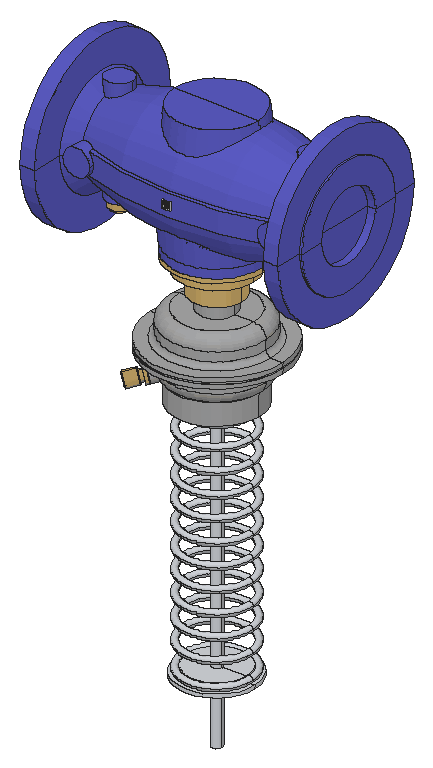
Revit family "Differenzdruckregler F_4007_20-80kPa_HF", category Rohrzubehör, Revit 2020
Family settings
  Bemaßung runder Anschluss = Durchmesser verwenden
  Teiletyp = Unterbricht
  OmniClass-Nummer = 23.65.55.14
  OmniClass-Titel = Valves for Liquid Services
  Arbeitsebenenbasiert = Nein
  Immer vertikal = Ja
  Beim Laden mit Abzugskörper schneiden = Nein
  Gemeinsam genutzt = Nein
Parameters
  Vorgabe-Ansicht = 0 mm
  Min. Betriebstemperatur (Frostschutz) = -10 °C  # constant formula
  Min. Betriebstemperatur = 2 °C  # constant formula
  Max. Betriebsdruck = 1600000.0 Pa  # constant formula
  Max. Betriebstemperatur = 110 °C  # constant formula
  URL = "www.herz-armaturen.at"
  Sollwertfeder = "EN 10270-1-SH"  # constant formula
  SCRNSEQ = "ARM;ARM_TYP=\"DIFR\";2"
  SCRNCODE = "05;03;02"  # constant formula
  S02 [instance] = H03 + H13  # 141 mm
  S01 [instance] = (2 * H02) + (2 * H04) + H05  # 72.7 mm
  R99 = 14 mm  # constant formula
  R98 = 6 mm  # constant formula
  R97 = 2 mm  # constant formula
  R02 = 15.5 mm  # constant formula
  R01 [instance] = size_lookup("4007_F_20-80_HF", "R1", 45.5 mm, Nennweite)  # 63.5 mm
  R00 [instance] = size_lookup("4007_F_20-80_HF", "R", 53 mm, Nennweite)  # 70 mm
  Nennweite [instance] = 80 mm
  Membrane und O-Ringe = "EPDM"  # constant formula
  Medium = "Die Verwendung von Ethylen- und Propylenglykol ist im Mischungsverhältnis 25 - 50 % zulässig. Heizwasserqualität entsprechend ÖNORM H 5195 bzw. VDI-Richtlinie 2035"
  L05 [instance] = L04 - 6.3 mm  # 114.7 mm
  L04 [instance] = size_lookup("4007_F_20-80_HF", "L4", 81 mm, Nennweite)  # 121 mm
  L03 = 10 mm  # constant formula
  L02 [instance] = size_lookup("4007_F_20-80_HF", "L2", 15 mm, Nennweite)  # 17 mm
  L01 = 3 mm  # constant formula
  L00 [instance] = size_lookup("4007_F_20-80_HF", "L", 115 mm, Nennweite)  # 155 mm
  Hersteller = "HERZ Armaturen Ges.m.b.H."  # constant formula
  H19 [instance] = size_lookup("4007_F_20-80_HF", "H19", 9 mm, Nennweite)  # 603 mm
  H18 [instance] = H19 - 75 mm  # 528 mm
  H17 = 6 mm  # constant formula
  H16 = 10 mm  # constant formula
  H15 = 24.5 mm  # constant formula
  H14 = 5 mm  # constant formula
  H13 = 17 mm  # constant formula
  H12 [instance] = R00 + 4 mm  # 74 mm
  H11 [instance] = R00 + 10 mm  # 80 mm
  H10 = 5 mm  # constant formula
  H09 [instance] = size_lookup("4007_F_20-80_HF", "H9", 9 mm, Nennweite)  # 11 mm
  H08 = 21 mm  # constant formula
  H07 [instance] = R00 + 23.4 mm  # 93.4 mm
  H06 [instance] = D12 + 15 mm  # 63.5 mm
  H05 = 2.5 mm  # constant formula
  H04 = 4.6 mm  # constant formula
  H03 [instance] = H08 + H09 + H10 + H11 + H14 + R97  # 124 mm
  H02 [instance] = size_lookup("4007_F_20-80_HF", "H2", 30.5 mm, Nennweite)  # 30.5 mm
  H01 [instance] = size_lookup("4007_F_20-80_HF", "H1", 210 mm, Nennweite)  # 226 mm
  Gehäuse = "Grauguss GJL250 nach EN 1561"  # constant formula
  Differenzdruck Einstellbereich = "20-80 kPa"  # constant formula
  DN80 [instance] = Nennweite = 80 mm  # yes
  D17 = 6 mm  # constant formula
  D16 = 45 mm  # constant formula
  D15 = 35 mm  # constant formula
  D14 = 50 mm  # constant formula
  D13 [instance] = D11 + 10 mm  # 59 mm
  D12 [instance] = R01 - 15 mm  # 48.5 mm
  D11 [instance] = size_lookup("4007_F_20-80_HF", "D11", 40 mm, Nennweite)  # 49 mm
  D10 [instance] = D11 + 5 mm  # 54 mm
  D09 [instance] = D11 - 5 mm  # 44 mm
  D08 = 24 mm  # constant formula
  D07 = 29.5 mm  # constant formula
  D06 [instance] = size_lookup("4007_F_20-80_HF", "D6", 51 mm, Nennweite)  # 57.8 mm
  D05 [instance] = D04 - 1 mm  # 77 mm
  D04 [instance] = size_lookup("4007_F_20-80_HF", "D4", 51 mm, Nennweite)  # 78 mm
  D03 = 21 mm  # constant formula
  D02 [instance] = Nennweite / 2  # 40 mm
  D01 [instance] = size_lookup("4007_F_20-80_HF", "D1", 51 mm, Nennweite)  # 69 mm
  D00 [instance] = size_lookup("4007_F_20-80_HF", "D", 82.5 mm, Nennweite)  # 100 mm
  Bestellnummer [instance] = if(Nennweite = 80 mm, "F400738", "0")  # "F400738"
  Ausführung = "Der Differenzdruckregler ist ein Proportionalregler in Geradsitzausführung und arbeitet ohne Hilfsenergie für Zweirohranlagen. Der gewünschte Differenzdruck- Sollwert kann zwischen 20 und 80 kPa stufenlos eingestellt werden."
  Anwendung = "Für Heizungs- und Kühlanlagen um den Differenzdruck innerhalb des regeltechnischen Bereiches konstant zu halten."
  Anschlussflansch = "EN 1092-2"  # constant formula
Reference planes
  plane 1 "Mitte (Vorne/hinten)": y = 0
  plane 2: z = -0.015
  plane 3 "Mitte (Links/rechts)": x = 0
Forms (mm)
  Revolve 1, solid, material "Herz-Marineblau", detail levels fine
    sketch origin (1065, 0, 0) x (1, 0, 0) y (0, 1, 0)
      loop
        line (-1217, 100) -> (-1217, 69) -> (-1220, 69) -> (-1220, 40) -> (-1210, 40) -> (-1210, 0) -> (-920, 0) -> (-920, 40) -> (-910, 40) -> (-910, 69) -> (-913, 69) -> (-913, 100) -> (-930, 100) -> (-930, 63.5) -> (-944, 48.5)
        arc (-944, 48.5) -> (-1065, 70) -> (-1186, 48.5) r 351.238
        line (-1186, 48.5) -> (-1200, 63.5) -> (-1200, 100) -> (-1217, 100)
      axis (-1220, 0) -> (-910, 0)
    angle from 0 to 360
  Extrusion 2, solid, material "Herz-Marineblau", detail levels fine
    sketch origin (0, 0, 0) x (1, 0, 0) y (0, 1, 0)
      loop
        circle (-114.7, 0) r 15.5
      loop
        circle (114.7, 0) r 15.5
    from -63.515 to 63.485
  Extrusion 3, solid, material "Herz-Marineblau", detail levels fine
    sketch origin (0, 0, 0) x (-1, 0, 0) y (0, 0, -1)
      loop
        circle (114.7, 0) r 15.5
      loop
        circle (-114.7, 0) r 15.5
    from -63.5 to 63.5
  Revolve 4, solid, material "Herz-Marineblau", detail levels fine
    sketch origin (92.737, 0, -45.97) x (1, 0, 0) y (0, 0, 1)
      loop
        line (-92.737, 119.955) -> (-92.737, -34.045) -> (-38.737, -34.045) -> (-38.737, -24.045) -> (-33.737, 45.97) -> (-43.737, 119.955) -> (-92.737, 119.955)
      axis (-92.737, 119.955) -> (-92.737, -34.045)
    angle from 0 to 360
  Revolve 5, solid, material "Messing", detail levels fine
    sketch origin (446.725, 0, 35.707) x (1, 0, 0) y (0, 0, 1)
      loop
        line (-446.725, -115.722) -> (-446.725, -159.722) -> (-417.225, -159.722) -> (-417.225, -138.722) -> (-422.725, -138.722) -> (-422.725, -133.722) -> (-402.725, -133.722) -> (-402.725, -122.722)
        arc (-402.725, -122.722) -> (-402.14, -121.308) -> (-400.725, -120.722) r 2
        line (-400.725, -120.722) -> (-392.725, -120.722) -> (-392.725, -115.722) -> (-446.725, -115.722)
      axis (-446.725, -159.722) -> (-446.725, -115.722)
    angle from 0 to 360
  Revolve 6, solid, material "Aluminium", detail levels fine
    sketch origin (925.114, 0, 19.41) x (1, 0, 0) y (0, 0, 1)
      loop
        line (-925.114, -143.425) -> (-925.114, -257.625) -> (-875.114, -257.625) -> (-875.114, -233.125) -> (-881.314, -233.125)
        arc (-881.314, -233.125) -> (-871.414, -229.025) -> (-867.314, -219.125) r 14
        line (-867.314, -219.125) -> (-867.314, -208.625)
        arc (-867.314, -208.625) -> (-865.556, -204.383) -> (-861.314, -202.625) r 6
        line (-861.314, -202.625) -> (-847.114, -202.625) -> (-847.114, -198.025) -> (-848.114, -198.025) -> (-848.114, -195.525) -> (-847.114, -195.525) -> (-847.114, -190.925) -> (-861.314, -190.925)
        arc (-861.314, -190.925) -> (-865.556, -189.168) -> (-867.314, -184.925) r 6
        line (-867.314, -184.925) -> (-867.314, -174.425)
        arc (-867.314, -174.425) -> (-871.414, -164.526) -> (-881.314, -160.425) r 14
        line (-881.314, -160.425) -> (-904.114, -160.425) -> (-904.114, -143.425) -> (-925.114, -143.425)
      axis (-925.114, -143.425) -> (-925.114, -257.625)
    angle from 0 to 360
  Extrusion 7, solid, material "Herz-Marineblau", visible <- "DN80", detail levels fine
    sketch origin (0, 0, 0) x (1, 0, 0) y (0, 1, 0)
      loop
        arc (-114.7, -54.973) -> (0, -74) -> (114.7, -54.973) r 355.238
        line (114.7, -54.973) -> (114.7, 54.973)
        arc (114.7, 54.973) -> (0, 74) -> (-114.7, 54.973) r 355.238
        line (-114.7, 54.973) -> (-114.7, -54.973)
    from -12.5 to 12.5
  Revolve 8, solid, detail levels fine
    sketch origin (0, 0, 0) x (1, 0, 0) y (0, 0, 1)
      loop
        line (0, -528.015) -> (45, -528.015) -> (45, -524.015) -> (35, -524.015) -> (35, -518.015) -> (0, -518.015) -> (0, -528.015)
      axis (0, -518.015) -> (0, -528.015)
    angle from 0 to 360
  Revolve 9, solid, detail levels fine
    sketch origin (0, 0, 0) x (1, 0, 0) y (0, 0, 1)
      loop
        line (0, -223.015) -> (0, -603.015) -> (6, -603.015) -> (6, -223.015) -> (0, -223.015)
      axis (0, -223.015) -> (0, -603.015)
    angle from 0 to 360
  Sweep 10, solid, visible <- "DN80", detail levels fine
    path in 3D
      loop
        arc (-39, 0, -241.715) -> (0, -39, -241.715) -> (39, 0, -241.715) r 39
        arc (39, 0, -241.715) -> (0, 39, -241.715) -> (-39, 0, -241.715) r 39
    profile origin (0, 39, -241.715) x (0, -1, 0) y (0, 0, 1)
      loop
        circle (0, 0) r 3.5
  Sweep 11, solid, visible <- "DN80", detail levels fine
    path in 3D
      loop
        arc (-39, 0, -266.715) -> (0, -39, -266.715) -> (39, 0, -266.715) r 39
        arc (39, 0, -266.715) -> (0, 39, -266.715) -> (-39, 0, -266.715) r 39
    profile origin (0, 39, -266.715) x (0, -1, 0) y (0, 0, 1)
      loop
        circle (0, 0) r 3.5
  Sweep 12, solid, visible <- "DN80", detail levels fine
    path in 3D
      loop
        arc (-39, 0, -291.715) -> (0, -39, -291.715) -> (39, 0, -291.715) r 39
        arc (39, 0, -291.715) -> (0, 39, -291.715) -> (-39, 0, -291.715) r 39
    profile origin (0, 39, -291.715) x (0, -1, 0) y (0, 0, 1)
      loop
        circle (0, 0) r 3.5
  Sweep 13, solid, visible <- "DN80", detail levels fine
    path in 3D
      loop
        arc (-39, 0, -316.715) -> (0, -39, -316.715) -> (39, 0, -316.715) r 39
        arc (39, 0, -316.715) -> (0, 39, -316.715) -> (-39, 0, -316.715) r 39
    profile origin (0, 39, -316.715) x (0, -1, 0) y (0, 0, 1)
      loop
        circle (0, 0) r 3.5
  Sweep 14, solid, visible <- "DN80", detail levels fine
    path in 3D
      loop
        arc (-39, 0, -341.715) -> (0, -39, -341.715) -> (39, 0, -341.715) r 39
        arc (39, 0, -341.715) -> (0, 39, -341.715) -> (-39, 0, -341.715) r 39
    profile origin (0, 39, -341.715) x (0, -1, 0) y (0, 0, 1)
      loop
        circle (0, 0) r 3.5
  Sweep 15, solid, visible <- "DN80", detail levels fine
    path in 3D
      loop
        arc (-39, 0, -366.715) -> (0, -39, -366.715) -> (39, 0, -366.715) r 39
        arc (39, 0, -366.715) -> (0, 39, -366.715) -> (-39, 0, -366.715) r 39
    profile origin (0, 39, -366.715) x (0, -1, 0) y (0, 0, 1)
      loop
        circle (0, 0) r 3.5
  Sweep 16, solid, visible <- "DN80", detail levels fine
    path in 3D
      loop
        arc (-39, 0, -391.715) -> (0, -39, -391.715) -> (39, 0, -391.715) r 39
        arc (39, 0, -391.715) -> (0, 39, -391.715) -> (-39, 0, -391.715) r 39
    profile origin (0, 39, -391.715) x (0, -1, 0) y (0, 0, 1)
      loop
        circle (0, 0) r 3.5
  Sweep 17, solid, visible <- "DN80", detail levels fine
    path in 3D
      loop
        arc (-39, 0, -416.715) -> (0, -39, -416.715) -> (39, 0, -416.715) r 39
        arc (39, 0, -416.715) -> (0, 39, -416.715) -> (-39, 0, -416.715) r 39
    profile origin (0, 39, -416.715) x (0, -1, 0) y (0, 0, 1)
      loop
        circle (0, 0) r 3.5
  Sweep 18, solid, visible <- "DN80", detail levels fine
    path in 3D
      loop
        arc (-39, 0, -441.715) -> (0, -39, -441.715) -> (39, 0, -441.715) r 39
        arc (39, 0, -441.715) -> (0, 39, -441.715) -> (-39, 0, -441.715) r 39
    profile origin (0, 39, -441.715) x (0, -1, 0) y (0, 0, 1)
      loop
        circle (0, 0) r 3.5
  Sweep 19, solid, visible <- "DN80", detail levels fine
    path in 3D
      loop
        arc (-39, 0, -466.715) -> (0, -39, -466.715) -> (39, 0, -466.715) r 39
        arc (39, 0, -466.715) -> (0, 39, -466.715) -> (-39, 0, -466.715) r 39
    profile origin (0, 39, -466.715) x (0, -1, 0) y (0, 0, 1)
      loop
        circle (0, 0) r 3.5
  Sweep 20, solid, visible <- "DN80", detail levels fine
    path in 3D
      loop
        arc (-39, 0, -491.715) -> (0, -39, -491.715) -> (39, 0, -491.715) r 39
        arc (39, 0, -491.715) -> (0, 39, -491.715) -> (-39, 0, -491.715) r 39
    profile origin (0, 39, -491.715) x (0, -1, 0) y (0, 0, 1)
      loop
        circle (0, 0) r 3.5
  Sweep 21, solid, visible <- "DN80", detail levels fine
    path in 3D
      loop
        arc (-39, 0, -520.215) -> (0, -39, -520.215) -> (39, 0, -520.215) r 39
        arc (39, 0, -520.215) -> (0, 39, -520.215) -> (-39, 0, -520.215) r 39
    profile origin (0, 39, -520.215) x (0, -1, 0) y (0, 0, 1)
      loop
        circle (0, 0) r 3.5
  Revolve 22, solid, material "Messing, weicher Gelbton, geschweißt", visible <- "DN80", detail levels fine
    sketch origin (4.806, 4.796, -1.426) x (-0.707107, -0.707107, 0) y (0, 0, -1)
      loop
        line (70.524, 205.006) -> (72.604, 195.224) -> (76.516, 196.056) -> (75.643, 200.164) -> (80.534, 201.204) -> (81.133, 198.384) -> (94.817, 201.293) -> (95.511, 202.887) -> (94, 209.996) -> (70.524, 205.006)
      axis (94, 209.996) -> (70.524, 205.006)
    angle from 0 to 360
  Revolve 23, solid, material "Aluminium", visible <- "DN80", detail levels fine
    sketch origin (-31.256, -31.266, -12.266) x (-0.707107, -0.707107, 0) y (0, 0, -1)
      loop
        line (19.524, 194.165) -> (-44.055, 180.651) -> (-42.08, 171.359) -> (21.5, 184.873) -> (19.524, 194.165)
      axis (-44.055, 180.651) -> (19.524, 194.165)
    angle from 0 to 360
  Revolve 24, solid, material "Messing, weicher Gelbton, geschweißt", detail levels fine
    sketch origin (-10, 0, -8) x (1, 0, 0) y (0, 0, 1)
      loop
        line (-104.7, -55.515) -> (-116.7, -55.515) -> (-116.7, -64.515) -> (-113.7, -64.515) -> (-113.7, -68.015) -> (-104.7, -68.015) -> (-104.7, -55.515)
      axis (-104.7, -68.015) -> (-104.7, -55.515)
    angle from 0 to 360
  Revolve 25, solid, material "Messing, weicher Gelbton, geschweißt", detail levels fine
    sketch origin (10, 0, -8) x (-1, 0, 0) y (0, 0, -1)
      loop
        line (-104.7, 55.515) -> (-104.7, 68.015) -> (-113.7, 68.015) -> (-113.7, 64.515) -> (-116.7, 64.515) -> (-116.7, 55.515) -> (-104.7, 55.515)
      axis (-104.7, 68.015) -> (-104.7, 55.515)
    angle from 0 to 360
Lines and regions (mm)
  sketch lines
    curve 1: circle (0, 0, -241.715) r 39 normal (0, 0, 1)
    curve 2: circle (0, 0, -266.715) r 39 normal (0, 0, 1)
    curve 3: circle (0, 0, -291.715) r 39 normal (0, 0, 1)
    curve 4: circle (0, 0, -316.715) r 39 normal (0, 0, 1)
    curve 5: circle (0, 0, -341.715) r 39 normal (0, 0, 1)
    curve 6: circle (0, 0, -366.715) r 39 normal (0, 0, 1)
    curve 7: circle (0, 0, -391.715) r 39 normal (0, 0, 1)
    curve 8: circle (0, 0, -416.715) r 39 normal (0, 0, 1)
    curve 9: circle (0, 0, -441.715) r 39 normal (0, 0, 1)
    curve 10: circle (0, 0, -466.715) r 39 normal (0, 0, 1)
    curve 11: circle (0, 0, -491.715) r 39 normal (0, 0, 1)
    curve 12: circle (0, 0, -520.215) r 39 normal (0, 0, 1)
  model lines, visible <- "DN80", detail levels fine
    curve 13: line (-39, 0, -238.215) -> (39, 0, -238.215)
  model lines, detail levels coarse+medium
    curve 14: line (-155, 0, 99.985) -> (-155, 0, -100.015)
    curve 15: line (-155, 0, -100.015) -> (155, 0, 99.985)
    curve 16: line (155, 0, 99.985) -> (155, 0, -100.015)
    curve 17: line (155, 0, -100.015) -> (-155, 0, 99.985)
    curve 18: line (-77.5, 0, -50.015) -> (0, 0, -100.015)
    curve 19: line (0, 0, -100.015) -> (77.5, 0, -50.015)
    curve 20: line (0, 0, -100.015) -> (0, 0, -141.015)
    curve 21: spline (-78, 0, -177.365) -> (-75.342, 0, -167.957) -> (-67.55, 0, -159.19) -> (-55.154, 0, -151.662) -> (-39, 0, -145.885) -> (-20.188, 0, -142.254) -> (0, 0, -141.015) -> (20.188, 0, -142.254) -> (39, 0, -145.885) -> (55.154, 0, -151.662) -> (67.55, 0, -159.19) -> (75.342, 0, -167.957) -> (78, 0, -177.365) -> (75.342, 0, -186.773) -> (67.55, 0, -195.54) -> (55.154, 0, -203.069) -> (39, 0, -208.845) -> (20.188, 0, -212.477) -> (0, 0, -213.715) -> (-20.188, 0, -212.477) -> (-39, 0, -208.845) -> (-55.154, 0, -203.069) -> (-67.55, 0, -195.54) -> (-75.342, 0, -186.773) -> (-78, 0, -177.365)
    curve 22: line (-155, 100, 0) -> (-155, -100, 0)
    curve 23: line (-155, -100, 0) -> (155, 100, 0)
    curve 24: line (155, 100, 0) -> (155, -100, 0)
    curve 25: line (155, -100, 0) -> (-155, 100, 0)
    curve 26: line (-77.5, -50, 0) -> (0, -100, 0)
    curve 27: line (0, -100, 0) -> (77.5, -50, 0)
    curve 28: line (0, -100, 0) -> (0, -141, 0)
    curve 29: spline (-78, -177.35, 0) -> (-75.342, -167.942, 0) -> (-67.55, -159.175, 0) -> (-55.154, -151.647, 0) -> (-39, -145.87, 0) -> (-20.188, -142.239, 0) -> (0, -141, 0) -> (20.188, -142.239, 0) -> (39, -145.87, 0) -> (55.154, -151.647, 0) -> (67.55, -159.175, 0) -> (75.342, -167.942, 0) -> (78, -177.35, 0) -> (75.342, -186.758, 0) -> (67.55, -195.525, 0) -> (55.154, -203.053, 0) -> (39, -208.83, 0) -> (20.188, -212.461, 0) -> (0, -213.7, 0) -> (-20.188, -212.461, 0) -> (-39, -208.83, 0) -> (-55.154, -203.053, 0) -> (-67.55, -195.525, 0) -> (-75.342, -186.758, 0) -> (-78, -177.35, 0)
Dimensions and locks
  "H06": Extrusion 3 to plane 1 "Mitte (Vorne/hinten)" to Extrusion 3  (x2)
  "L02": Revolve 1 sketch curve to Revolve 1 sketch curve  (x2)
  "L01": Revolve 1 sketch curve to Revolve 1 sketch curve  (x2)
  "L00": Revolve 1 sketch curve to plane 3 "Mitte (Links/rechts)" to Revolve 1 sketch curve
  "L03": Revolve 1 sketch curve to Revolve 1 sketch curve  (x2)
  "D02": plane 1 "Mitte (Vorne/hinten)" to Revolve 1 sketch curve  (x2)
  "L04": plane 3 "Mitte (Links/rechts)" to Revolve 1 sketch curve
  "R01": plane 1 "Mitte (Vorne/hinten)" to Revolve 1 sketch curve
  "D01": plane 1 "Mitte (Vorne/hinten)" to Revolve 1 sketch curve  (x2)
  "D00": plane 1 "Mitte (Vorne/hinten)" to Revolve 1 sketch curve  (x2)
  "H06": Extrusion 2 to plane 2 to Extrusion 2  (x2)
  "L04": Revolve 1 sketch curve to plane 3 "Mitte (Links/rechts)"
  "R00": Revolve 1 sketch curve to Revolve 1 sketch curve
  "R01": Revolve 1 sketch curve to Revolve 1 sketch curve
  "D05": Revolve 6 sketch curve to Revolve 6 sketch curve
  "D04": Revolve 6 sketch curve to Revolve 6 sketch curve  (x2)
  "H04": Revolve 6 sketch curve to Revolve 6 sketch curve  (x2)
  "H05": Revolve 6 sketch curve to Revolve 6 sketch curve
  "H02": Revolve 6 sketch curve to Revolve 6 sketch curve  (x2)
  "H03": plane 2 to Revolve 6 sketch curve
  "D06": Revolve 6 sketch curve to Revolve 6 sketch curve
  "D03": Revolve 6 sketch curve to Revolve 6 sketch curve
  "D07": Revolve 5 sketch curve to Revolve 5 sketch curve
  "D08": Revolve 5 sketch curve to Revolve 5 sketch curve
  "H08": Revolve 5 sketch curve to Revolve 5 sketch curve
  "D09": Revolve 5 sketch curve to Revolve 5 sketch curve
  "D10": Revolve 5 sketch curve to Revolve 5 sketch curve
  "H10": Revolve 5 sketch curve to Revolve 5 sketch curve
  "H11": plane 2 to Revolve 4 sketch curve
  "H11": plane 2 to Revolve 5 sketch curve
  "D10": Revolve 4 sketch curve to Revolve 4 sketch curve
  "H12": Revolve 4 sketch curve to plane 2
  "L05": Extrusion 2 sketch curve to plane 3 "Mitte (Links/rechts)"
  "L05": plane 3 "Mitte (Links/rechts)" to Extrusion 2 sketch curve
  "L05": plane 3 "Mitte (Links/rechts)" to Extrusion 3 sketch curve
  "L05": Extrusion 3 sketch curve to plane 3 "Mitte (Links/rechts)"
  "D12": Revolve 1 sketch curve to Revolve 1 sketch curve  (x2)
  "D06": plane 3 "Mitte (Links/rechts)" to Revolve 6 sketch curve
  "R00": plane 2 to Revolve 4 sketch curve
  "D11": Revolve 4 sketch curve to Revolve 4 sketch curve
  "D13": Revolve 4 sketch curve to Revolve 4 sketch curve
  "H13": Revolve 6 sketch curve to Revolve 6 sketch curve
  "H14": Revolve 5 sketch curve to Revolve 5 sketch curve
  "H09": Revolve 5 sketch curve to Revolve 5 sketch curve
  "H03": plane 2 to Revolve 5 sketch curve
  "D14": Revolve 6 sketch curve to plane 3 "Mitte (Links/rechts)"
  "H15": Revolve 6 sketch curve to Revolve 6 sketch curve
  "H16": Revolve 8 sketch curve to Revolve 8 sketch curve
  "D15": Revolve 8 sketch curve to Revolve 8 sketch curve
  "D16": Revolve 8 sketch curve to Revolve 8 sketch curve
  "H17": Revolve 8 sketch curve to Revolve 8 sketch curve
  "D17": Revolve 9 sketch curve to Revolve 9 sketch curve
  "L00": curve 14 to plane 3 "Mitte (Links/rechts)" to curve 16
  "D00": curve 17 to plane 2 to curve 15
  "D00": curve 16 to plane 2 to curve 17
  equal spacing: plane 3 "Mitte (Links/rechts)", curve 18, curve 15
  equal spacing: curve 17, curve 19, plane 3 "Mitte (Links/rechts)"
  "D00": plane 2 to curve 19
  "S02": plane 2 to curve 20
  "D04": plane 3 "Mitte (Links/rechts)" to curve 21
  "S01": curve 21 to curve 21
  "S02": plane 2 to curve 21
  "L00": curve 22 to plane 3 "Mitte (Links/rechts)" to curve 24
  "D00": curve 23 to plane 1 "Mitte (Vorne/hinten)" to curve 25
  "D00": curve 25 to plane 1 "Mitte (Vorne/hinten)" to curve 24
  equal spacing: plane 3 "Mitte (Links/rechts)", curve 26, curve 23
  equal spacing: plane 3 "Mitte (Links/rechts)", curve 27, curve 25
  "D00": curve 27 to plane 1 "Mitte (Vorne/hinten)"
  "S02": curve 28 to plane 1 "Mitte (Vorne/hinten)"
  "S01": curve 29 to curve 29
  "D04": curve 29 to plane 3 "Mitte (Links/rechts)"
  "S02": curve 29 to plane 1 "Mitte (Vorne/hinten)"
  "H19": plane 2 to Revolve 9 sketch curve
  "H18": plane 2 to Revolve 8 sketch curve
  Revolve 24 sketch curve to Revolve 24 sketch curve = 9 mm  (x2)
  Revolve 24 sketch curve to Revolve 24 sketch curve = 12.5 mm
  Revolve 24 sketch curve to Revolve 24 sketch curve = 12 mm
  "L05": plane 3 "Mitte (Links/rechts)" to Revolve 24 sketch curve
  "H06": plane 2 to Revolve 24 sketch curve
  Revolve 25 sketch curve to Revolve 25 sketch curve = 9 mm  (x2)
  Revolve 25 sketch curve to Revolve 25 sketch curve = 12.5 mm
  Revolve 25 sketch curve to Revolve 25 sketch curve = 12 mm
  "L05": Revolve 25 sketch curve to plane 3 "Mitte (Links/rechts)"
  "H06": plane 2 to Revolve 25 sketch curve
  "R99": radius of Revolve 6 sketch curve  (x2)
  "R98": radius of Revolve 6 sketch curve  (x2)
  "R02": radius of Extrusion 2 sketch curve  (x2)
  "R02": radius of Extrusion 3 sketch curve  (x2)
  "R97": radius of Revolve 5 sketch curve
  aligned and locked: level to plane 2
Automatic sketch dimensions
  Extrusion 7 sketch curve to plane 3 "Mitte (Links/rechts)" = 0 mm  (x2)
  plane 1 "Mitte (Vorne/hinten)" to Extrusion 7 sketch curve = 54.973 mm
  Extrusion 7 sketch curve to plane 3 "Mitte (Links/rechts)" = 114.7 mm
  Extrusion 7 sketch curve to plane 1 "Mitte (Vorne/hinten)" = 54.973 mm
  plane 3 "Mitte (Links/rechts)" to Extrusion 7 sketch curve = 114.7 mm
  Extrusion 7 sketch curve to Extrusion 7 sketch curve = 226.265 mm  (x2)
  Sweep 10 sketch curve to profile plane = 0 mm  (x2)
  Sweep 11 sketch curve to profile plane = 0 mm  (x2)
  Sweep 12 sketch curve to profile plane = 0 mm  (x2)
  Sweep 13 sketch curve to profile plane = 0 mm  (x2)
  Sweep 14 sketch curve to profile plane = 0 mm  (x2)
  Sweep 15 sketch curve to profile plane = 0 mm  (x2)
  Sweep 16 sketch curve to profile plane = 0 mm  (x2)
  Sweep 17 sketch curve to profile plane = 0 mm  (x2)
  Sweep 18 sketch curve to profile plane = 0 mm  (x2)
  Sweep 19 sketch curve to profile plane = 0 mm  (x2)
  Sweep 20 sketch curve to profile plane = 0 mm  (x2)
  Sweep 21 sketch curve to profile plane = 0 mm  (x2)
  curve 13 to plane 3 "Mitte (Links/rechts)" = 39 mm
  plane 3 "Mitte (Links/rechts)" to curve 13 = 39 mm
  curve 13 to plane 2 = 238.2 mm
  Revolve 22 sketch curve to plane 2 = 206.416 mm
  Revolve 22 sketch curve to plane 2 = 196.635 mm
  Revolve 22 sketch curve to Revolve 22 sketch curve = 2.079 mm
  Revolve 22 sketch curve to plane 2 = 201.575 mm
  Revolve 22 sketch curve to Revolve 22 sketch curve = 3.039 mm
  Revolve 22 sketch curve to plane 2 = 202.614 mm
  Revolve 22 sketch curve to plane 2 = 199.795 mm
  Revolve 22 sketch curve to plane 2 = 211.406 mm
  Revolve 22 sketch curve to plane 2 = 202.704 mm
  Revolve 22 sketch curve to plane 2 = 204.297 mm
  Revolve 22 sketch curve to plane 2 = 206.419 mm
  Revolve 22 sketch curve to Revolve 22 sketch curve = 0.015 mm
  Revolve 22 sketch curve to plane 2 = 208.733 mm
  Revolve 22 sketch curve to Revolve 22 sketch curve = 0.89 mm
  Revolve 23 sketch curve to plane 2 = 192.902 mm
  Revolve 23 sketch curve to plane 2 = 183.61 mm
  Revolve 23 sketch curve to Revolve 23 sketch curve = 1.975 mm
  Revolve 23 sketch curve to plane 2 = 206.416 mm
  Revolve 23 sketch curve to plane 2 = 202.266 mm
  Revolve 23 sketch curve to Revolve 23 sketch curve = 19.524 mm
  Revolve 23 sketch curve to plane 2 = 217.257 mm
  Revolve 23 sketch curve to Revolve 23 sketch curve = 51 mm
  curve 21 to plane 3 "Mitte (Links/rechts)" = 0 mm
  curve 20 to plane 3 "Mitte (Links/rechts)" = 0 mm
  curve 29 to plane 3 "Mitte (Links/rechts)" = 0 mm
  curve 28 to plane 3 "Mitte (Links/rechts)" = 0 mm
  plane 1 "Mitte (Vorne/hinten)" to Revolve 1 sketch curve = 0 mm  (x2)
  Revolve 1 sketch curve to Revolve 1 sketch curve = 35 mm
  Revolve 1 sketch curve to Revolve 1 sketch curve = 40 mm
  plane 1 "Mitte (Vorne/hinten)" to Extrusion 2 sketch curve = 0 mm  (x2)
  Extrusion 3 sketch curve to level = 0 mm  (x2)
  Revolve 4 sketch curve to plane 3 "Mitte (Links/rechts)" = 0 mm  (x2)
  Revolve 4 sketch curve to level = 0 mm
  Revolve 4 sketch curve to plane 2 = 25.895 mm
  level to Revolve 4 sketch curve = 24.09 mm
  Revolve 5 sketch curve to plane 3 "Mitte (Links/rechts)" = 0 mm  (x2)
  Revolve 5 sketch curve to Revolve 5 sketch curve = 8.988 mm
  Revolve 5 sketch curve to Revolve 5 sketch curve = 0 mm
  Revolve 6 sketch curve to plane 3 "Mitte (Links/rechts)" = 0 mm  (x2)
  Revolve 6 sketch curve to Revolve 6 sketch curve = 0 mm
  Revolve 6 sketch curve to Revolve 6 sketch curve = 9.421 mm
  plane 3 "Mitte (Links/rechts)" to Revolve 8 sketch curve = 0 mm
  Revolve 8 sketch curve to plane 3 "Mitte (Links/rechts)" = 0 mm
  Revolve 8 sketch curve to Revolve 8 sketch curve = 168.671 mm
  level to Revolve 8 sketch curve = 2214.315 mm
  Revolve 9 sketch curve to plane 3 "Mitte (Links/rechts)" = 0 mm  (x2)
  Revolve 9 sketch curve to plane 2 = 223 mm
  Revolve 9 sketch curve to Revolve 9 sketch curve = 17.86 mm
  level to Revolve 9 sketch curve = 2214.315 mm
  Revolve 24 sketch curve to Revolve 24 sketch curve = 0 mm  (x3)
  Revolve 25 sketch curve to Revolve 25 sketch curve = 0 mm  (x3)
  radius of Sweep 10 sketch curve = 3.5 mm
  radius of Sweep 11 sketch curve = 3.5 mm
  radius of Sweep 12 sketch curve = 3.5 mm
  radius of Sweep 13 sketch curve = 3.5 mm
  radius of Sweep 14 sketch curve = 3.5 mm
  radius of Sweep 15 sketch curve = 3.5 mm
  radius of Sweep 16 sketch curve = 3.5 mm
  radius of Sweep 17 sketch curve = 3.5 mm
  radius of Sweep 18 sketch curve = 3.5 mm
  radius of Sweep 19 sketch curve = 3.5 mm
  radius of Sweep 20 sketch curve = 3.5 mm
  radius of Sweep 21 sketch curve = 3.5 mm
Nested families
  nested 1: "Herz-Logo-vorne" at (-0.018, -73.982, 0) x (0, 1, 0) z (0, 0, 1), visible <- "DN80", type "Herz-Logo-vorne", detail levels fine
Connectors
  piping at (-155, 0, 0), diameter 80, driven by "Nennweite"
    settings: on Revolve 1, index 1, connector inside diameter 609.6 mm, connector length 0 mm, flow factor 0, pipe flow 0.0 L/s, pressure drop 0.0 Pa, fitting loss kfactor 0, connector angle 0.00°, fixture units 0, engagement length 0 mm, angle of deflection 0.00°, flow configuration 0, flow direction 2, fitting loss method 0, system type 29, joint type 0, gender type 0, connector reference index -1, connector utility 0, adjustable connector no, is connector primary yes, connector description ""
  piping at (155, 0, 0), diameter 80, driven by "Nennweite"
    settings: on Revolve 1, index 2, connector inside diameter 609.6 mm, connector length 0 mm, flow factor 0, pipe flow 0.0 L/s, pressure drop 0.0 Pa, fitting loss kfactor 0, connector angle 0.00°, fixture units 0, engagement length 0 mm, angle of deflection 0.00°, flow configuration 0, flow direction 1, fitting loss method 0, system type 29, joint type 0, gender type 0, connector reference index -1, connector utility 0, adjustable connector no, is connector primary no, connector description ""
Definition of nested family "Herz-Logo-vorne"
  Parameters (values of type "Herz-Logo-vorne")
    Default Elevation = 0 mm
  Reference planes
    plane 1 "Mitte (Vorne/hinten)": y = 0
    plane 2: z = 0
    plane 3 "Mitte (Links/rechts)": x = 0
  Forms (mm)
    Extrusion 1, solid
      sketch origin (0.732, -0.018, 0.017) x (0, -1, 0) y (0, 0, 1)
        loop
          line (-0.018, -4.517) -> (4.482, -4.517) -> (4.482, 4.483) -> (-4.518, 4.483) -> (-4.518, -4.517) -> (-0.018, -4.517)
        loop
          line (-0.05, -3.48) -> (3.482, -3.48) -> (3.482, 3.483) -> (-3.518, 3.483) -> (-3.518, -3.48) -> (-0.05, -3.48)
        loop
          arc (-0.018, 2.383) -> (-1.543, 3.287) -> (-3.067, 2.383) r 1.738
          arc (-3.067, 2.383) -> (-3.191, 1.899) -> (-3.067, 1.415) r 1.009
          line (-3.067, 1.415) -> (-0.018, -3.281) -> (3.032, 1.415)
          arc (3.032, 1.415) -> (3.156, 1.899) -> (3.032, 2.383) r 1.009
          arc (3.032, 2.383) -> (1.507, 3.287) -> (-0.018, 2.383) r 1.738
        loop
          arc (1.885, 1.272) -> (2.005, 1.675) -> (1.885, 2.079) r 0.74
          arc (1.885, 2.079) -> (1.265, 2.416) -> (0.644, 2.079) r 0.74
          line (0.644, 2.079) -> (-0.018, 0.97) -> (-0.679, 2.079)
          arc (-0.679, 2.079) -> (-1.3, 2.416) -> (-1.921, 2.079) r 0.74
          arc (-1.921, 2.079) -> (-2.04, 1.675) -> (-1.921, 1.272) r 0.74
          line (-1.921, 1.272) -> (-0.018, -1.658) -> (1.885, 1.272)
      from 0 to 1.5
  Dimensions and locks
    aligned and locked: level to plane 2
